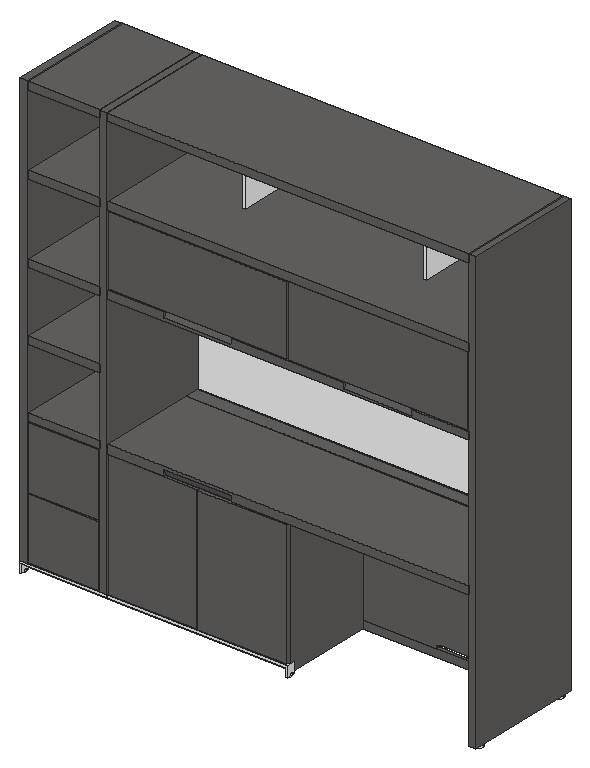
Revit family "Storage-Wall-Teknion-ZXLL_90_High_Without_Lights-R2011", category Furniture Systems, Revit 2013
Parameters (values of type "(See Type Catalog)")
  Working Wall Finish [instance] = Glass - Teknion - K6 - White Backpainted
  Width = 92.642"
  Warranty = "http://www.teknionstudio.com/pdfs/Teknion%20Studio%20Warranty.pdf"
  Wall Unit Finish [instance] = Veneer - Teknion - P7 - Grey Oak
  Unit Weight = 755.00 lbf
  URL = "www.teknionstudio.com"
  Tabletop Cutout Offset = if(Has Double Doors, 0", 4")  # 0"
  Storage Tower = Storage-Unit-Teknion-Tower : Upper Shelves & File/File Pedestal
  Series = "B&B Italia"
  Product Page URL = "http://www.teknionstudio.com/acexecutive/"
  Product Line = "AC Executive"
  Product Documentation Link = "http://www.teknionstudio.com/pricing/ac_executive_storage_walls_ppg.pdf"
  Part Number = "ZXLL"
  Model = ""
  Manufacturer Phone = "919-464-2920"
  Manufacturer Fax = "919-464-2927"
  Manufacturer Email = "customersupport@teknionstudio.com"
  Manufacturer Address = "3940 US 70 Business HWY West, Clayton, NC 27520"
  Manufacturer = "Teknion Studio"  # constant formula
  Low Emitting Material = yes
  Low Emitting Finish = yes
  Height = 89 123/128"
  Has File File Drawers = not(Has Double Doors)  # no
  Has Double Doors = yes
  Description = ""
  Depth = 24"
  Assembly Code = "E2020200"
Reference planes (in)
  plane 1 "Center F/B": y = 0
  plane 2: z = 0
  plane 3 "Back": y = 12
  plane 4 "Front": y = -12
  plane 5 "Cabinets Top": z = 73.80469
  plane 6: x = 28.60446
  plane 7: z = 29.68402
  plane 8: z = 56.1289
  plane 9: x = -44.7815
  plane 10: z = 2.1289
  plane 11: x = -8.08858
  plane 12 "Foot Centerline": y = -11.2126
  plane 13 "Tabletop Cutout": y = -12
  plane 14 "Foot Centerline Front": y = -10.22835
  plane 15 "Foot Centerline Back": y = 10.22835
  plane 16: y = -8.484
  plane 17 "Left": x = -62.49817
  plane 18 "Right": x = 30.14383
  plane 19 "Center L/R": x = -16.17717
  plane 20 "Top": z = 89.96094
Forms (in)
  Sweep 1, solid, material "Veneer - Teknion - P7 - Grey Oak" <- "Wall Unit Finish"
    path origin (0, 0, 15.40683) x (-1, 0, 0) y (0, -1, 0)
      loop
        line (0, -12) -> (0, 12)
    profile origin (0, 0, 15.40683) x (1, 0, 0) y (0, 0, 1)
      loop
        line (30.14383, -14.81732) -> (30.14383, 74.55411) -> (28.60446, 74.55411) -> (28.60446, -14.81732) -> (30.14383, -14.81732)
  Sweep 2, solid, material "Metal - Teknion - C6 - Chrome"
    path origin (0, 0, 0) x (1, 0, 0) y (0, 0, 1)
      loop
        line (-8.08858, 0.05803) -> (-8.08858, 2.1289) -> (-44.7815, 2.1289)
    profile origin (-26.43504, 0, 2.1289) x (0, 0, -1) y (0, -1, 0)
      loop
        line (0, 12) -> (0, 10.4252) -> (0.394, 10.4252) -> (0.394, 12) -> (0, 12)
  Sweep 3, solid, material "Metal - Teknion - C6 - Chrome"
    path origin (0, 0, 0) x (1, 0, 0) y (0, 0, 1)
      loop
        line (-44.7815, 2.1289) -> (-8.08858, 2.1289)
    profile origin (-26.43504, 0, 2.1289) x (0, 0, 1) y (0, -1, 0)
      loop
        line (-0.394, 10.6222) -> (-1.5748, 10.6222) -> (-1.5748, 10.4252) -> (-0.394, 10.4252) -> (-0.394, 10.6222)
  Revolve 4, solid, material "Metal - Teknion - C6 - Chrome"
    sketch origin (0.39385, -11.2126, 0) x (0, 0, -1) y (1, 0, 0)
      loop
        line (-0.4911, -8.67943) -> (0, -8.67943) -> (0, -8.34479) -> (-0.03937, -8.30542) -> (-0.20618, -8.30542) -> (-0.24555, -8.34479) -> (-0.28492, -8.30542) -> (-0.45173, -8.30542) -> (-0.4911, -8.34479) -> (-0.4911, -8.67943)
      axis (0, -8.67943) -> (-0.4911, -8.67943)
    angle from 0 to 360
  Sweep 5, solid, material "Veneer - Teknion - P7 - Grey Oak" <- "Wall Unit Finish"
    path origin (0, 0, 0) x (1, 0, 0) y (0, 0, 1)
      loop
        line (-44.7815, 29.68402) -> (28.60446, 29.68402)
    profile origin (-8.08852, 0, 29.68402) x (0, 0, 1) y (0, -1, 0)
      loop
        line (0, 12) -> (-1.7638, 12) -> (-1.7638, -7.11393) -> (-5.30827, -7.11393) -> (-5.30827, -7.08268) -> (-27.55512, -7.08268) -> (-27.55512, -7.11393) -> (-29.0945, -7.11393) -> (-29.0945, -7.80668) -> (-5.30828, -7.80668) -> (-5.30828, -12) -> (44.12067, -12) -> (44.12067, 12) -> (42.58097, 12) -> (42.58097, 11.2126) -> (27.98392, 11.2126) -> (27.98392, 12) -> (26.44488, 12) -> (26.44488, -10.94094) -> (0, -10.94094) -> (0, -10.90969) -> (-0.72441, -10.90969) -> (-0.72441, -10.56693) -> (0, -10.56693) -> (0, -8.05709) -> (-0.72441, -8.05709) -> (-0.72441, -7.80709) -> (0, -7.80709) -> (0, 12)
      loop
        line (60.27692, -12) -> (60.27692, 12) -> (58.73755, 12) -> (58.73755, -12) -> (60.27692, -12)
  Sweep 6, solid, material "Veneer - Teknion - P7 - Grey Oak" <- "Wall Unit Finish"
    path origin (0, 0, 0) x (1, 0, 0) y (0, 0, 1)
      loop
        line (-44.7815, 29.68402) -> (-8.08858, 29.68402)
    profile origin (-26.43504, 0, 29.68402) x (0, 0, 1) y (0, -1, 0)
      loop
        line (-1.7638, 11.27559) -> (-27.55512, 11.27559) -> (-27.55512, 10.4252) -> (-29.0945, 10.4252) -> (-29.0945, -12) -> (-1.7638, -12) -> (-1.7638, 11.27559)
  Sweep 7, solid, material "Veneer - Teknion - P7 - Grey Oak" <- "Wall Unit Finish"
    path origin (0, 0, 15.40683) x (-1, 0, 0) y (0, -1, 0)
      loop
        line (16.17717, 12) -> (16.17717, 11.276)
    profile origin (-16.17717, -11.638, 15.40683) x (-1, 0, 0) y (0, 0, 1)
      loop
        line (28.35433, 42.50186) -> (28.35433, 56.60815) -> (-7.96358, 56.60815) -> (-7.96358, 42.50186) -> (28.35433, 42.50186)
      loop
        line (-8.21358, 56.60815) -> (-44.53163, 56.60815) -> (-44.53163, 42.50186) -> (-8.21358, 42.50186) -> (-8.21358, 56.60815)
  Sweep 8, solid, material "Veneer - Teknion - P7 - Grey Oak" <- "Wall Unit Finish", visible <- "Has Double Doors"
    path origin (0, 0, 15.40683) x (-1, 0, 0) y (0, -1, 0)
      loop
        line (16.17717, 12) -> (16.17717, 11.276)
    profile origin (-16.17717, -11.638, 15.40683) x (-1, 0, 0) y (0, 0, 1)
      loop
        line (-7.83845, 12.26339) -> (-7.83845, -13.03482) -> (10.15274, -13.03482) -> (10.15274, 12.26339) -> (-7.83845, 12.26339)
      loop
        line (10.40274, 12.26339) -> (10.40274, -13.03482) -> (28.35446, -13.03482) -> (28.35446, 12.26339) -> (10.40274, 12.26339)
  Sweep 9, solid, material "Veneer - Teknion - P7 - Grey Oak" <- "Wall Unit Finish", visible <- "Has File File Drawers"
    path origin (0, 0, 15.40683) x (-1, 0, 0) y (0, -1, 0)
      loop
        line (16.17717, 12) -> (16.17717, 11.276)
    profile origin (-16.17717, -11.638, 15.40683) x (-1, 0, 0) y (0, 0, 1)
      loop
        line (-7.83845, 12.26339) -> (-7.83845, 0.01144) -> (28.35446, 0.01144) -> (28.35446, 12.26339) -> (-7.83845, 12.26339)
      loop
        line (28.35446, -0.77597) -> (-7.83845, -0.77597) -> (-7.83845, -13.03482) -> (28.35446, -13.03482) -> (28.35446, -0.77597)
  Sweep 10, void
    path origin (0, 0, 0) x (1, 0, 0) y (0, 0, 1)
      loop
        line (-33.34466, 29.68402) -> (-19.56514, 29.68402)
    profile origin (-26.4549, 0, 29.68402) x (0, 0, 1) y (0, -1, 0)
      loop
        line (-1.7638, 12) -> (-1.7638, 11.52756) -> (-0.66143, 12) -> (-1.7638, 12)
  Sweep 11, void
    path origin (0, 0, 0) x (1, 0, 0) y (0, 0, 1)
      loop
        line (-33.3248, 56.1289) -> (-19.54528, 56.1289)
    profile origin (-26.43504, 0, 56.1289) x (0, 0, 1) y (0, -1, 0)
      loop
        line (1.53937, 12) -> (0.43699, 12) -> (1.53937, 11.52755) -> (1.53937, 12)
  Sweep 12, void
    path origin (0, 0, 0) x (1, 0, 0) y (0, 0, 1)
      loop
        line (3.36811, 56.1289) -> (17.14764, 56.1289)
    profile origin (10.25787, 0, 56.1289) x (0, 0, 1) y (0, -1, 0)
      loop
        line (1.53937, 11.52755) -> (1.53937, 12) -> (0.43699, 12) -> (1.53937, 11.52755)
  Sweep 13, void
    path origin (0, 0, 0) x (1, 0, 0) y (0, 1, 0)
      loop
        line (0, 7.80668) -> (0, 7.08268)
    profile origin (0, 7.44468, 0) x (1, 0, 0) y (0, 0, 1)
      loop
        line (6.83281, 24.37575) -> (6.83281, 23.51079)
        arc (6.83281, 23.51079) -> (7.06344, 22.95401) -> (7.62021, 22.72339) r 0.7874
        line (7.62021, 22.72339) -> (12.93517, 22.72339)
        arc (12.93517, 22.72339) -> (13.49195, 22.95401) -> (13.72257, 23.51079) r 0.7874
        line (13.72257, 23.51079) -> (13.72257, 24.37575) -> (6.83281, 24.37575)
      loop
        line (13.72257, 2.1289) -> (13.72257, 2.28638)
        arc (13.72257, 2.28638) -> (13.50348, 2.81532) -> (12.97454, 3.03441) r 0.74803
        line (12.97454, 3.03441) -> (7.58084, 3.03441)
        arc (7.58084, 3.03441) -> (7.0519, 2.81532) -> (6.83281, 2.28638) r 0.74803
        line (6.83281, 2.28638) -> (6.83281, 2.1289) -> (13.72257, 2.1289)
  Sweep 14, solid, material "Acrylic - Teknion - Clear"
    path origin (0.48659, 0, 36.8108) x (-1, 0, 0) y (0, -1, 0)
      loop
        line (16.66376, -11.25197) -> (16.66376, 0.16535)
    profile origin (-16.17717, 5.54331, 36.8108) x (1, 0, 0) y (0, 0, 1)
      loop
        line (-10.56841, 51.60058) -> (-10.56841, 36.99388) -> (-9.97392, 36.99388) -> (-9.97392, 51.60058) -> (-10.56841, 51.60058)
      loop
        line (26.15108, 51.60058) -> (26.15108, 36.99388) -> (26.74557, 36.99388) -> (26.74557, 51.60058) -> (26.15108, 51.60058)
  Revolve 15, solid, material "Metal - Teknion - C6 - Chrome"
    sketch origin (0, -10.22835, 0) x (0, 0, 1) y (1, 0, 0)
      loop
        line (0, 29.37415) -> (0, 28.63616) -> (0.23622, 28.63616) -> (0.23622, 29.09181) -> (0.58951, 29.09181) -> (0.58951, 29.37415) -> (0, 29.37415)
      axis (0.58951, 29.37415) -> (0, 29.37415)
    angle from 0 to 360
  Revolve 16, solid, material "Metal - Teknion - C6 - Chrome"
    sketch origin (0, 10.22835, 0) x (0, 0, 1) y (1, 0, 0)
      loop
        line (0, 29.37415) -> (0, 28.63616) -> (0.23622, 28.63616) -> (0.23622, 29.09181) -> (0.58951, 29.09181) -> (0.58951, 29.37415) -> (0, 29.37415)
      axis (0.58951, 29.37415) -> (0, 29.37415)
    angle from 0 to 360
Cuts and joins
  joined: Sweep 2, Sweep 3, Revolve 4
  Sweep 10, Sweep 11, Sweep 12, Sweep 13 cuts Sweep 5
  joined: Sweep 5, Sweep 6
Lines and regions (in)
  Masking region 1
    outline origin (0, 0, 15.40683) x (-1, 0, 0) y (0, -1, 0)
      loop
        line (44.7815, -12) -> (44.7815, 12) -> (-30.14383, 12) -> (-30.14383, -12) -> (44.7815, -12)
  symbolic lines, style "Elevation Swing"
    curve 1: line (-44.7815, -12, 57.66827) -> (-26.43504, -12, 72.01499)
    curve 2: line (-8.08858, -12, 57.66832) -> (-26.43504, -12, 72.01499)
    curve 3: line (-8.08858, 0, 57.66832) -> (10.25794, 0, 72.18658)
    curve 4: line (10.25794, 0, 72.18658) -> (28.60446, 0, 57.66827)
  symbolic lines, style "Elevation Swing", visible <- "Has Double Doors"
    curve 5: line (-26.5799, 0, 27.67022) -> (-44.53163, 0, 15.02111)
    curve 6: line (-44.53163, 0, 15.02111) -> (-26.5799, 0, 2.37201)
    curve 14: line (-26.3299, 0, 2.37201) -> (-8.33872, 0, 15.02111)
    curve 15: line (-26.3299, 0, 27.67022) -> (-8.33872, 0, 15.02111)
  symbolic lines, detail levels medium+fine
    curve 7: line (28.60446, 12, 15.40683) -> (28.60446, -12, 15.40683)
  symbolic lines, style "FurnitureSystemsHiddenLines", detail levels fine
    curve 8: line (-8.08858, -11.276, 15.40683) -> (-44.7815, -11.276, 15.40683)
    curve 13: line (-8.08858, 12, 15.40683) -> (-8.08858, -12, 15.40683)
  symbolic lines, visible <- "Has Double Doors"
    curve 9: arc (-26.43497, -12, 15.40683) -> (-21.06144, -24.97286, 15.40683) -> (-8.08858, -30.34639, 15.40683) r 18.34639
    curve 10: line (-44.7815, -12, 15.40683) -> (-44.7815, -30.34652, 15.40683)
    curve 11: line (-8.08858, -12, 15.40683) -> (-8.08858, -30.34639, 15.40683)
    curve 12: arc (-44.7815, -30.34652, 15.40683) -> (-31.80854, -24.97295, 15.40683) -> (-26.43497, -12, 15.40683) r 18.34652
Dimensions and locks (in)
  plane 17 "Left" to plane 18 "Right" = 92.642"
  equal spacing: plane 3 "Back", plane 1 "Center F/B", plane 4 "Front"
  "Depth": plane 3 "Back" to plane 4 "Front"
  "Height": plane 20 "Top" to plane 2
  locked: plane 7 to plane 2 at 29.68402
  locked: plane 8 to plane 7 at 26.44488
  locked: plane 10 to plane 2 at 2.1289
  locked: plane 10 to Sweep 3 sketch curve at 0.394
  locked: Sweep 3 sketch curve to Sweep 3 sketch curve at 1.1808
  plane 4 "Front" to Sweep 3 sketch curve to Sweep 3 sketch curve = 1.3778" locked, 0.197" locked
  locked: plane 4 "Front" to plane 12 "Foot Centerline" at 0.7874
  locked: plane 10 to Sweep 5 sketch curve at 1.53939
  locked: plane 7 to Sweep 5 sketch curve at 1.7638
  Sweep 6 sketch curve to Sweep 6 sketch curve to plane 3 "Back" = 23.27559", 0"
  locked: plane 7 to Sweep 6 sketch curve at 1.7638
  locked: plane 4 "Front" to Sweep 6 sketch curve at 1.5748
  locked: plane 4 "Front" to Sweep 7 sketch curve at 0.724
  plane 5 "Cabinets Top" to Sweep 7 sketch curve to Sweep 7 sketch curve = 1.7897" locked, 14.1063" locked  (x2)
  Sweep 7 sketch curve to Sweep 7 sketch curve to Sweep 7 sketch curve to Sweep 7 sketch curve = 36.31805", 1/4", 36.31791"
  locked: plane 4 "Front" to Sweep 8 sketch curve at 0.724
  locked: plane 4 "Front" to Sweep 9 sketch curve at 0.724
  locked: Sweep 10 sketch curve to Sweep 10 sketch curve at 13.77953
  locked: plane 7 to Sweep 10 sketch curve at 1.7638
  locked: plane 13 "Tabletop Cutout" to Sweep 10 sketch curve at 0.47244
  "Tabletop Cutout Offset": plane 13 "Tabletop Cutout" to plane 4 "Front"
  locked: Sweep 11 sketch curve to Sweep 11 sketch curve at 13.77953
  locked: Sweep 11 sketch curve to plane 8 at 1.53937
  locked: Sweep 11 sketch curve to plane 8 at 0.43699
  locked: plane 4 "Front" to Sweep 11 sketch curve at 0.47245
  Sweep 12 sketch curve to Sweep 12 sketch curve to plane 8 = 1.10238" locked, 0.43699" locked
  locked: plane 4 "Front" to Sweep 12 sketch curve at 0.47245
  plane 3 "Back" to Sweep 13 sketch curve to Sweep 13 sketch curve = 4.19332" locked, 0.724" locked
  equal spacing: plane 11, curve 2, plane 9
  equal spacing: plane 6, curve 4, plane 11
  locked: plane 4 "Front" to curve 8 at 0.724
  locked: plane 3 "Back" to plane 15 "Foot Centerline Back" at 1.77165
  locked: plane 4 "Front" to plane 14 "Foot Centerline Front" at 1.77165
  locked: plane 4 "Front" to plane 16 at 3.516
  locked: plane 17 "Left" to plane 9 at 17.71667
  locked: Sweep 8 sketch curve to Sweep 8 sketch curve at 25.29821  (x2)
  Sweep 8 sketch curve to Sweep 8 sketch curve to Sweep 8 sketch curve to Sweep 8 sketch curve = 17.95173" locked, 1/4" locked, 17.99118" locked
  Sweep 9 sketch curve to Sweep 9 sketch curve to Sweep 9 sketch curve to Sweep 9 sketch curve = 12.25195" locked, 0.7874" locked, 12.25886" locked
  locked: Sweep 9 sketch curve to Sweep 9 sketch curve at 36.19291  (x2)
  curve 10 to curve 12 to plane 6 = 18.34652", 55.03944"
  locked: Sweep 13 sketch curve to Sweep 13 sketch curve at 6.88976  (x2)
  locked: Sweep 13 sketch curve to Sweep 13 sketch curve at 1.65236
  locked: Sweep 2 sketch curve to plane 2 at 0.05803
  locked: Sweep 1 sketch curve to plane 6 at 1.53937
  locked: plane 11 to Sweep 11 sketch curve at 11.45669
  Sweep 12 sketch curve to Sweep 12 sketch curve to plane 11 = 13.77953" locked, 11.45669" locked
  locked: Sweep 9 sketch curve to plane 11 at 0.25013
  locked: plane 7 to Sweep 9 sketch curve at 2.0138
  locked: plane 7 to Sweep 8 sketch curve at 2.0138  (x2)
  locked: plane 6 to plane 18 "Right" at 1.53937
  equal spacing: plane 17 "Left", plane 19 "Center L/R", plane 18 "Right"
  locked: plane 19 "Center L/R" to plane 11 at 8.08858
  locked: Sweep 7 sketch curve to plane 6 at 0.25
  plane 20 "Top" to plane 5 "Cabinets Top" = 16 5/32"
  locked: Sweep 14 sketch curve to Sweep 14 sketch curve at 11.41732
  locked: Sweep 14 sketch curve to Sweep 14 sketch curve at 0.59449  (x2)
  locked: plane 3 "Back" to Sweep 14 sketch curve at 0.74803
  locked: Sweep 14 sketch curve to plane 11 at 18.0625
  locked: Sweep 14 sketch curve to plane 5 "Cabinets Top" at 14.60669  (x2)
  locked: plane 20 "Top" to Sweep 5 sketch curve at 1.53937
  locked: plane 5 "Cabinets Top" to Sweep 5 sketch curve at 1.5397
  locked: Sweep 5 sketch curve to plane 8 at 1.53904
  equal spacing: Sweep 14 sketch curve, plane 11, Sweep 14 sketch curve
  locked: plane 10 to Sweep 2 sketch curve at 0.394
  locked: plane 4 "Front" to Sweep 2 sketch curve at 1.5748
  Revolve 4 sketch curve to Revolve 4 sketch curve to Revolve 4 sketch curve to Revolve 4 sketch curve to Revolve 4 sketch curve to Revolve 4 sketch curve to plane 2 = 0.03937" locked, 0.16681" locked, 0.03937" locked, 0.03937" locked, 0.16681" locked, 0.03937" locked
  locked: plane 11 to Revolve 4 sketch curve at 0.197
  locked: Revolve 4 sketch curve to plane 11 at 0.17702
  locked: plane 11 to Sweep 10 sketch curve at 11.47655
  locked: Sweep 13 sketch curve to plane 10 at 0.90551
  locked: plane 7 to Sweep 13 sketch curve at 5.30827
  locked: Sweep 13 sketch curve to plane 6 at 14.88189
  locked: plane 6 to Sweep 13 sketch curve at 14.88189
  locked: plane 11 to Sweep 9 sketch curve at 0.25013
  locked: plane 18 "Right" to Revolve 15 sketch curve at 0.76969
  plane 18 "Right" to Revolve 15 sketch curve to Revolve 15 sketch curve = 0.76969" locked, 0.28234" locked
  Revolve 15 sketch curve to Revolve 15 sketch curve to plane 2 = 0.35329" locked, 0.23622" locked
  locked: plane 18 "Right" to Revolve 16 sketch curve at 0.76969
  plane 18 "Right" to Revolve 16 sketch curve to Revolve 16 sketch curve = 1.05203" locked, 0.45565" locked
  Revolve 16 sketch curve to Revolve 16 sketch curve to plane 2 = 0.35329" locked, 0.23622" locked
  aligned and locked: level to plane 2
  aligned and locked: plane 3 "Back" to Sweep 1 sketch curve
  aligned and locked: plane 4 "Front" to Sweep 1 sketch curve
  aligned and locked: Sweep 2 sketch curve to plane 10
  aligned and locked: plane 10 to Sweep 2 sketch curve
  aligned and locked: Sweep 2 sketch curve to plane 4 "Front"
  aligned and locked: Sweep 3 sketch curve to plane 10
  aligned and locked: plane 9 to Sweep 5 sketch curve
  aligned and locked: plane 6 to Sweep 5 sketch curve
  aligned and locked: Sweep 5 sketch curve to plane 7  (x4)
  aligned and locked: Sweep 5 sketch curve to plane 4 "Front"  (x2)
  aligned and locked: plane 3 "Back" to Sweep 5 sketch curve  (x2)
  aligned and locked: Sweep 6 sketch curve to plane 7
  aligned and locked: plane 10 to Sweep 6 sketch curve
  aligned and locked: plane 4 "Front" to Sweep 7 sketch curve
  aligned and locked: Sweep 5 sketch curve to plane 8
  aligned and locked: plane 4 "Front" to Sweep 8 sketch curve
  aligned and locked: plane 4 "Front" to Sweep 9 sketch curve
  aligned and locked: Sweep 10 sketch curve to plane 7
  aligned and locked: plane 13 "Tabletop Cutout" to Sweep 10 sketch curve
  aligned and locked: Sweep 11 sketch curve to plane 8
  aligned and locked: Sweep 12 sketch curve to plane 8
  aligned and locked: Sweep 12 sketch curve to plane 4 "Front"
  aligned and locked: plane 9 to curve 1
  aligned and locked: plane 11 to curve 2
  aligned and locked: Sweep 7 to curve 2
  aligned and locked: plane 6 to curve 4
  aligned and locked: Masking region 1 sketch curve to plane 3 "Back"
  aligned and locked: Masking region 1 sketch curve to plane 4 "Front"
  aligned and locked: plane 3 "Back" to curve 7
  aligned and locked: plane 3 "Back" to curve 13
  aligned and locked: plane 4 "Front" to curve 13
  aligned and locked: plane 4 "Front" to Sweep 11 sketch curve
  aligned and locked: Sweep 5 sketch curve to plane 5 "Cabinets Top"
  aligned and locked: plane 12 "Foot Centerline" to Sweep 5 sketch curve
  aligned and locked: plane 4 "Front" to Sweep 5 sketch curve  (x2)
  aligned and locked: plane 4 "Front" to curve 12
  aligned and locked: Sweep 2 sketch curve to plane 11
  aligned and locked: Sweep 1 sketch curve to plane 6
  aligned and locked: plane 10 to Sweep 13 sketch curve
  aligned and locked: Masking region 1 sketch curve to plane 18 "Right"
  aligned and locked: plane 9 to Masking region 1 sketch curve
  aligned and locked: Sweep 8 sketch curve to plane 19 "Center L/R"
  aligned and locked: plane 1 "Center F/B" to Sweep 6 sketch curve
  aligned: plane 11 to Sweep 6 sketch curve
  aligned: plane 6 to Sweep 6 sketch curve
  aligned and locked: Sweep 9 sketch curve to plane 19 "Center L/R"
  aligned and locked: Sweep 7 sketch curve to plane 19 "Center L/R"
  aligned and locked: nested 1 to plane 2
  aligned and locked: curve 6 to Sweep 8
  aligned and locked: Sweep 8 to curve 5
  aligned and locked: Sweep 8 to Sweep 8
  aligned and locked: Sweep 8 to curve 6
  aligned and locked: plane 9 to nested 1
  aligned and locked: nested 1 to plane 1 "Center F/B"
  aligned and locked: plane 19 "Center L/R" to Sweep 14 sketch curve
  aligned and locked: plane 5 "Cabinets Top" to Sweep 14 sketch curve  (x2)
  aligned and locked: Sweep 5 sketch curve to plane 20 "Top"
  aligned and locked: plane 20 "Top" to Sweep 1 sketch curve
  aligned and locked: plane 9 to Sweep 2 sketch curve
  aligned and locked: Revolve 4 sketch curve to Revolve 4 sketch curve
  aligned and locked: plane 2 to Revolve 4 sketch curve
  aligned and locked: plane 9 to Sweep 3 sketch curve
  aligned and locked: plane 11 to Sweep 3 sketch curve
  aligned and locked: plane 9 to Sweep 6 sketch curve
  aligned and locked: plane 11 to Sweep 6 sketch curve
  aligned and locked: Sweep 8 to curve 14
  aligned and locked: cut or joined group of Sweep 5, Sweep 6, Sweep 10, Sweep 11, Sweep 12, Sweep 13 to Sweep 1 sketch curve
  aligned and locked: plane 2 to Revolve 16 sketch curve
  aligned and locked: curve 11 to plane 11
  aligned and locked: curve 7 to plane 6
  aligned and locked: plane 4 "Front" to curve 7
Automatic sketch dimensions
  Sweep 6 sketch curve to plane 11 = 36.69291"
  Sweep 6 sketch curve to plane 6 = 36.69305"
  profile plane to Sweep 10 sketch curve = 0.66143"
  profile plane to Sweep 8 sketch curve = 7.83845"
  curve 3 to plane 11 = 0"
  plane 10 to curve 14 = 0.24311"
  curve 6 to curve 14 = 1/4"
  curve 15 to plane 7 = 2.0138"
  curve 5 to curve 15 = 1/4"
  plane 10 to curve 6 = 0.24311"
  plane 10 to curve 14 = 12.89222"
  plane 10 to curve 6 = 12.89222"
  curve 5 to curve 15 = 0"
  plane 8 to curve 4 = 1.53937"
  plane 8 to curve 3 = 1.53942"
  curve 3 to plane 5 "Cabinets Top" = 1.61811"
  plane 8 to curve 2 = 1.53942"
  plane 8 to curve 1 = 1.53937"
  plane 11 to Sweep 1 sketch curve = 8.08858"
  Revolve 4 sketch curve to level = 0"
  Revolve 4 sketch curve to Revolve 4 sketch curve = 0.4777"
  Revolve 4 sketch curve to Revolve 4 sketch curve = 0.03937"  (x3)
  Sweep 5 sketch curve to Sweep 5 sketch curve = 1.53939"
  Sweep 5 sketch curve to Sweep 5 sketch curve = 3.54449"
  Sweep 5 sketch curve to Sweep 5 sketch curve = 0"
  profile plane to Sweep 5 sketch curve = 0.72441"  (x2)
  Sweep 5 sketch curve to plane 1 "Center F/B" = 10.94094"
  Sweep 5 sketch curve to Sweep 5 sketch curve = 1/32"  (x2)
  Sweep 5 sketch curve to Sweep 5 sketch curve = 0.34277"
  Sweep 5 sketch curve to Sweep 5 sketch curve = 2.50984"
  Sweep 5 sketch curve to Sweep 5 sketch curve = 1/4"
  Sweep 5 sketch curve to Sweep 5 sketch curve = 4.19332"
  Sweep 5 sketch curve to Sweep 5 sketch curve = 0.69316"
  Sweep 5 sketch curve to Sweep 5 sketch curve = 0.69275"
  Sweep 6 sketch curve to Sweep 6 sketch curve = 1.53939"
  plane 11 to Sweep 13 sketch curve = 8.08858"
  Sweep 13 sketch curve to Sweep 13 sketch curve = 0.74803"  (x2)
  Sweep 13 sketch curve to Sweep 13 sketch curve = 0.7874"  (x2)
  Revolve 15 sketch curve to level = 0"
  Revolve 15 sketch curve to level = 0.14033"
  Revolve 15 sketch curve to Revolve 15 sketch curve = 0.17201"
  plane 6 to Revolve 15 sketch curve = 0.03169"
  Revolve 16 sketch curve to level = 0.60556"
  Revolve 16 sketch curve to Revolve 16 sketch curve = 0.7057"
  Revolve 16 sketch curve to Revolve 16 sketch curve = 0"
  plane 4 "Front" to curve 10 = 0"
  curve 9 to curve 12 = 0"
  curve 8 to plane 9 = 0"
Nested families (in)
  nested 1: "Storage-Unit-Teknion-Tower" at (-53.63976, 0, 0) x (-1, 0, 0) z (0, 0, 1), type <- "Storage Tower", Height <- "Height", type "Upper Shelves & File/File Pedestal"
    with Height 89 123/128", Has Top Shelf yes, Bottom Drawer Height 13.047"
Definition of nested family "Storage-Unit-Teknion-Tower"
  Parameters (values of type "Upper Wardrobe & Lower Door")
    Width = 17.71654"
    Warranty = "http://www.teknionstudio.com/pdfs/Teknion%20Studio%20Warranty.pdf"
    Wall Unit Finish = Veneer - Teknion - P8 - Light Brushed Oak
    URL = "www.teknionstudio.com"
    Series = "B&B Italia"
    Product Line = "AC Executive"
    Model = ""
    Middle Drawer Height = if(Has Top Drawer, 6.425", 12.719")  # 12.719"
    Manufacturer Phone = "919-464-2920"
    Manufacturer Fax = "919-464-2927"
    Manufacturer Email = "customersupport@teknionstudio.com"
    Manufacturer Address = "3940 US 70 Business HWY West, Clayton, NC 27520"
    Manufacturer = "Teknion Studio"  # constant formula
    Height [instance] = 73.81394"
    Has Top Shelf [instance] = and(Height > 75", Has Shelves)  # no
    Has Top Drawer = no
    Has Top Door = yes
    Has Shelves = no
    Has Right Leg = yes
    Has Middle Drawer = no
    Has Lower Shelf = yes
    Has Left Leg = no
    Has Full Wardrobe Door = no
    Has Doors = yes
    Door Projection Symbol = yes
    Description = "Tower Storage Unit"
    Depth = 24"
    Bottom Drawer Height [instance] = if(Has Middle Drawer, 13.047", if(Has Top Drawer, 13.047", if(Has Full Wardrobe Door, (Height - 3.668"), 26.016")))  # 26.016"
    Assembly Code = "E2010200"
  Types (7): name | Wall Unit Finish | Series | Product Line | Middle Drawer Height | Has Top Drawer | Has Top Door | Has Shelves | Has Middle Drawer | Has Lower Shelf | Has Full Wardrobe Door | Has Doors | Door Projection Symbol | Bottom Drawer Height
    Upper Shelves & Lower Door | none | "AC Executive" | "" | 12.719" | no | no | yes | no | yes | no | yes | yes | 26.016"
    Upper Shelves & File/File Pedestal | none | "AC Executive" | "" | 12.719" | no | no | yes | yes | yes | no | no | no | 13.047"
    Upper Shelves & Box/Box/File Pedestal | Veneer - Teknion - P8 - Light Brushed Oak | "AC Executive" | "" | 6.425" | yes | no | yes | yes | yes | yes | no | no | 13.047"
    Full Wardrobe | none | "AC Executive" | "" | 12.719" | no | no | no | no | no | yes | yes | yes | 70.14594"
    Upper Wardrobe & Lower Door | Veneer - Teknion - P8 - Light Brushed Oak | "B&B Italia" | "AC Executive" | 12.719" | no | yes | no | no | yes | no | yes | yes | 26.016"
    Upper Wardrobe & File/File Pedestal | none | "AC Executive" | "" | 12.719" | no | yes | no | yes | yes | no | no | yes | 13.047"
    Upper Wardrobe & Box/Box/File Pedestal | none | "AC Executive" | "" | 6.425" | yes | yes | no | yes | yes | no | no | yes | 13.047"
  Reference planes (in)
    plane 1 "Center F/B": y = 0
    plane 2: z = 0
    plane 3 "Center L/R": x = 0
    plane 4 "Left": x = -8.85827
    plane 5 "Right": x = 8.85827
    plane 6 "Back": y = 12
    plane 7 "Front": y = -12
    plane 8 "Top": z = 73.81394
    plane 9: x = -7.3189
    plane 10: x = 7.3189
    plane 11: z = 2.1289
    plane 12 "Foot Centerline": y = -11.2126
    plane 13: z = 29.68402
    plane 14 "Drawer 1 Top": z = 28.1449
    plane 15 "Drawer 2 Top": z = 40.8639
    plane 16 "Drawer 3 Top": z = 27.89502
    plane 17: z = 42.13677
  Forms (in)
    Sweep 1, solid, material "Metal - Teknion - C6 - Chrome", visible <- "Has Left Leg"
      path origin (0, -12, 0) x (1, 0, 0) y (0, 0, 1)
        loop
          line (-8.85827, 1.7349) -> (-8.85827, 0.05803)
      profile origin (-8.85827, -12, 0.89646) x (0, -1, 0) y (1, 0, 0)
        loop
          line (-1.5748, 0) -> (0, 0) -> (0, 0.394) -> (-1.5748, 0.394) -> (-1.5748, 0)
    Sweep 2, solid, material "Metal - Teknion - C6 - Chrome"
      path origin (0, -12, 0) x (1, 0, 0) y (0, 0, 1)
        loop
          line (-8.85827, 2.1289) -> (8.46427, 2.1289)
      profile origin (-0.197, -12, 2.1289) x (0, 0, 1) y (0, -1, 0)
        loop
          line (-0.394, -1.5748) -> (-0.394, -1.3778) -> (-1.575, -1.3778) -> (-1.575, -1.5748) -> (-0.394, -1.5748)
    Revolve 3, solid, material "Metal - Teknion - C6 - Chrome"
      sketch origin (0, -11.2126, 0) x (0, 0, -1) y (1, 0, 0)
        loop
          line (-0.4911, 8.32677) -> (-0.45173, 8.2874) -> (-0.28492, 8.2874) -> (-0.24555, 8.32677) -> (-0.20618, 8.2874) -> (-0.03937, 8.2874) -> (0, 8.32677) -> (0, 8.66142) -> (-0.4911, 8.66142) -> (-0.4911, 8.32677)
        axis (0, 8.66142) -> (-0.4911, 8.66142)
      angle from 0 to 360
    Revolve 4, solid, material "Metal - Teknion - C6 - Chrome", visible <- "Has Left Leg"
      sketch origin (0, -11.2126, 0) x (0, 0, -1) y (1, 0, 0)
        loop
          line (0, -8.99606) -> (0, -8.66142) -> (-0.4911, -8.66142) -> (-0.4911, -8.99606) -> (-0.45173, -9.03543) -> (-0.28492, -9.03543) -> (-0.24555, -8.99606) -> (-0.20618, -9.03543) -> (-0.03937, -9.03543) -> (0, -8.99606)
        axis (0, -8.66142) -> (-0.4911, -8.66142)
      angle from 0 to 360
    Sweep 5, solid, material "Veneer - Teknion - P8 - Light Brushed Oak" <- "Wall Unit Finish"
      path origin (0, 0, 0) x (1, 0, 0) y (0, 0, 1)
        loop
          line (0, 2.1289) -> (0, 73.81394)
      profile origin (0, 0, 37.97142) x (-1, 0, 0) y (0, -1, 0)
        loop
          line (8.85827, -12) -> (8.85827, 12) -> (7.3189, 12) -> (7.3189, -12) -> (8.85827, -12)
        loop
          line (-7.3189, 12) -> (-8.85827, 12) -> (-8.85827, -12) -> (-7.3189, -12) -> (-7.3189, 12)
    Sweep 6, solid, material "Veneer - Teknion - P8 - Light Brushed Oak" <- "Wall Unit Finish"
      path origin (0, 0, 15.40683) x (-1, 0, 0) y (0, -1, 0)
        loop
          line (0, -12) -> (0, 12)
      profile origin (0, 0, 15.40683) x (1, 0, 0) y (0, 0, 1)
        loop
          line (-7.3189, 58.4071) -> (-7.3189, 56.86773) -> (7.3189, 56.86773) -> (7.3189, 58.4071) -> (-7.3189, 58.4071)
    Sweep 7, solid, material "Veneer - Teknion - P8 - Light Brushed Oak" <- "Wall Unit Finish"
      path origin (0, -12, 0) x (1, 0, 0) y (0, 0, 1)
        loop
          line (0, 2.1289) -> (0, 72.27457)
      profile origin (0, -12, 37.20173) x (-1, 0, 0) y (0, -1, 0)
        loop
          line (7.3189, -24) -> (7.3189, -23.25) -> (-7.3189, -23.25) -> (-7.3189, -24) -> (7.3189, -24)
    Sweep 8, solid, material "Veneer - Teknion - P8 - Light Brushed Oak" <- "Wall Unit Finish", visible <- "Has Lower Shelf"
      path origin (0, -12, 0) x (1, 0, 0) y (0, 0, 1)
        loop
          line (-7.3189, 29.68402) -> (7.3189, 29.68402)
      profile origin (0, -12, 29.68402) x (0, 0, 1) y (0, -1, 0)
        loop
          line (0, 0) -> (-1.539, 0) -> (-1.539, -0.724) -> (-27.55512, -0.724) -> (-27.55512, -23.25) -> (0, -23.25) -> (0, 0)
    Sweep 9, solid, material "Veneer - Teknion - P8 - Light Brushed Oak" <- "Wall Unit Finish"
      path origin (0, -12, 0) x (1, 0, 0) y (0, 0, 1)
        loop
          line (0, 2.3789) -> (0, 27.8949)
      profile origin (0, -12, 15.1369) x (-1, 0, 0) y (0, -1, 0)
        loop
          line (7.0689, -0.724) -> (7.0689, 0) -> (-7.0689, 0) -> (-7.0689, -0.724) -> (7.0689, -0.724)
    Sweep 10, solid, material "Veneer - Teknion - P8 - Light Brushed Oak" <- "Wall Unit Finish", visible <- "Has Middle Drawer"
      path origin (0, -12, 0) x (1, 0, 0) y (0, 0, 1)
        loop
          line (0, 28.1449) -> (0, 40.8639)
      profile origin (0, -12, 34.5044) x (-1, 0, 0) y (0, -1, 0)
        loop
          line (7.0689, -0.724) -> (7.0689, 0) -> (-7.0689, 0) -> (-7.0689, -0.724) -> (7.0689, -0.724)
    Sweep 11, solid, material "Veneer - Teknion - P8 - Light Brushed Oak" <- "Wall Unit Finish", visible <- "Has Top Drawer"
      path origin (0, -12, 0) x (1, 0, 0) y (0, 0, 1)
        loop
          line (0, 47.15802) -> (0, 41.1139)
      profile origin (0, -12, 44.13596) x (0, -1, 0) y (1, 0, 0)
        loop
          line (0, 7.0689) -> (-0.724, 7.0689) -> (-0.724, -7.0689) -> (0, -7.0689) -> (0, 7.0689)
    Sweep 12, solid, material "Veneer - Teknion - P8 - Light Brushed Oak" <- "Wall Unit Finish", visible <- "Has Shelves"
      path origin (0, -12, 0) x (1, 0, 0) y (0, 0, 1)
        loop
          line (0, 42.13677) -> (0, 43.67614)
      profile origin (0, -12, 42.90646) x (-1, 0, 0) y (0, -1, 0)
        loop
          line (7.3189, -23.25) -> (7.3189, 0) -> (-7.3189, 0) -> (-7.3189, -23.25) -> (7.3189, -23.25)
    Sweep 13, solid, material "Veneer - Teknion - P8 - Light Brushed Oak" <- "Wall Unit Finish", visible <- "Has Shelves"
      path origin (0, -12, 13.9918) x (1, 0, 0) y (0, 0, 1)
        loop
          line (0, 42.13677) -> (0, 43.67614)
      profile origin (0, -12, 56.89825) x (-1, 0, 0) y (0, -1, 0)
        loop
          line (7.3189, -23.25) -> (7.3189, 0) -> (-7.3189, 0) -> (-7.3189, -23.25) -> (7.3189, -23.25)
    Sweep 14, solid, material "Veneer - Teknion - P8 - Light Brushed Oak" <- "Wall Unit Finish", visible <- "Has Top Door"
      path origin (0, -12, 0) x (1, 0, 0) y (0, 0, 1)
        loop
          line (0, 29.93402) -> (0, 72.02457)
      profile origin (0, -12, 50.97929) x (-1, 0, 0) y (0, -1, 0)
        loop
          line (7.0689, -0.724) -> (7.0689, 0) -> (-7.0689, 0) -> (-7.0689, -0.724) -> (7.0689, -0.724)
    Sweep 15, solid, material "Veneer - Teknion - P8 - Light Brushed Oak" <- "Wall Unit Finish"
      path origin (0, -12, 0) x (1, 0, 0) y (0, 0, 1)
        loop
          line (-8.85827, 2.1289) -> (8.85827, 2.1289)
      profile origin (0, -12, 2.1289) x (0, 0, 1) y (0, -1, 0)
        loop
          line (0, -1.5748) -> (-1.53937, -1.5748) -> (-1.53937, -24) -> (0, -24) -> (0, -1.5748)
    Sweep 16, solid, material "Veneer - Teknion - P8 - Light Brushed Oak" <- "Wall Unit Finish", visible <- "Has Top Shelf"
      path origin (0, 0, 0) x (1, 0, 0) y (0, 0, 1)
        loop
          line (0, 73.81394) -> (0, 72.27457)
      profile origin (0, 0, 73.04425) x (0, -1, 0) y (1, 0, 0)
        loop
          line (-11.25, -7.3189) -> (12, -7.3189) -> (12, 7.3189) -> (-11.25, 7.3189) -> (-11.25, -7.3189)
    Sweep 17, solid, material "Metal - Teknion - C6 - Chrome"
      path origin (0, 0, 0) x (1, 0, 0) y (0, 0, 1)
        loop
          line (-8.85827, 2.1289) -> (8.85827, 2.1289)
      profile origin (0, 0, 2.1289) x (0, 0, 1) y (0, -1, 0)
        loop
          line (0, 10.4252) -> (0, 12) -> (-0.394, 12) -> (-0.394, 10.4252) -> (0, 10.4252)
    Sweep 18, solid, material "Metal - Teknion - C6 - Chrome"
      path origin (0, 0, 0) x (1, 0, 0) y (0, 0, 1)
        loop
          line (8.85827, 1.7349) -> (8.85827, 0.05803)
      profile origin (8.85827, 0, 0.89646) x (0, -1, 0) y (1, 0, 0)
        loop
          line (10.4252, -0.394) -> (12, -0.394) -> (12, 0) -> (10.4252, 0) -> (10.4252, -0.394)
  Lines and regions (in)
    Masking region 1
      outline origin (0, 0, 15.40683) x (-1, 0, 0) y (0, -1, 0)
        loop
          line (8.85827, -12) -> (8.85827, 12) -> (-8.85827, 12) -> (-8.85827, -12) -> (8.85827, -12)
    symbolic lines, style "FurnitureSystems", detail levels medium+fine
      curve 1: line (-7.3189, 12, 15.40683) -> (-7.3189, -12, 15.40683)
      curve 2: line (7.3189, 12, 15.40683) -> (7.3189, -12, 15.40683)
    symbolic lines, style "FurnitureSystemsHiddenLines", detail levels fine
      curve 3: line (-7.3189, -11.276, 15.40683) -> (7.3189, -11.276, 15.40683)
    symbolic lines, style "Elevation Swing", visible <- "Has Doors"
      curve 4: line (-7.3189, -12, 2.1289) -> (7.3189, -12, 15.1369)
      curve 5: line (7.3189, -12, 15.1369) -> (-7.3189, -12, 28.1449)
    symbolic lines, style "Elevation Swing", visible <- "Has Top Door"
      curve 6: line (-7.3189, -12, 29.68402) -> (7.3189, -12, 50.97929)
      curve 7: line (7.3189, -12, 50.97929) -> (-7.3189, -12, 72.27457)
    symbolic lines, style "FurnitureSystems", visible <- "Door Projection Symbol"
      curve 8: arc (-7.3189, -12, 0) -> (-3.03159, -22.35048, 0) -> (7.3189, -26.6378, 0) r 14.6378
    symbolic lines, visible <- "Door Projection Symbol"
      curve 9: line (7.3189, -12, 15.40683) -> (7.3189, -26.6378, 15.40683)
  Dimensions and locks (in)
    equal spacing: plane 4 "Left", plane 3 "Center L/R", plane 5 "Right"
    "Width": plane 4 "Left" to plane 5 "Right"
    equal spacing: plane 6 "Back", plane 1 "Center F/B", plane 7 "Front"
    "Depth": plane 6 "Back" to plane 7 "Front"
    locked: plane 4 "Left" to plane 9 at 1.53937
    locked: plane 10 to plane 5 "Right" at 1.53937
    "Height": plane 8 "Top" to level
    locked: Sweep 1 sketch curve to level at 0.05803
    locked: plane 11 to plane 2 at 2.1289
    plane 11 to Sweep 2 sketch curve to Sweep 2 sketch curve = 0.394" locked, 1.181" locked
    plane 7 "Front" to Sweep 2 sketch curve to Sweep 2 sketch curve = 1.3778" locked, 0.197" locked
    locked: Revolve 3 sketch curve to plane 2 at 0.4911  (x2)
    locked: plane 5 "Right" to Revolve 3 sketch curve at 0.57087
    locked: plane 7 "Front" to plane 12 "Foot Centerline" at 0.7874
    Revolve 3 sketch curve to Revolve 3 sketch curve to Revolve 3 sketch curve to Revolve 3 sketch curve to plane 2 = 0.16681" locked, 0.07874" locked, 0.16681" locked, 0.03937" locked
    locked: Revolve 4 sketch curve to plane 2 at 0.4911  (x2)
    locked: Revolve 4 sketch curve to Revolve 4 sketch curve at 0.37402
    Revolve 4 sketch curve to Revolve 4 sketch curve to Revolve 4 sketch curve to Revolve 4 sketch curve to plane 2 = 0.16681" locked, 0.07874" locked, 0.16681" locked, 0.03937" locked
    locked: Revolve 4 sketch curve to plane 4 "Left" at 0.19685
    locked: plane 8 "Top" to Sweep 6 sketch curve at 1.53937
    locked: plane 8 "Top" to Sweep 7 sketch curve at 1.53937
    locked: plane 6 "Back" to Sweep 7 sketch curve at 0.75
    locked: plane 13 to plane 2 at 29.68402
    locked: plane 7 "Front" to Sweep 8 sketch curve at 0.724
    locked: plane 13 to Sweep 8 sketch curve at 1.539
    locked: plane 13 to plane 16 "Drawer 3 Top" at 1.789
    "Bottom Drawer Height": plane 14 "Drawer 1 Top" to plane 11
    "Middle Drawer Height": plane 15 "Drawer 2 Top" to plane 14 "Drawer 1 Top"
    locked: plane 14 "Drawer 1 Top" to Sweep 9 sketch curve at 0.25
    locked: plane 7 "Front" to Sweep 9 sketch curve at 0.724
    locked: Sweep 10 sketch curve to plane 12 "Foot Centerline" at 0.0634
    locked: plane 7 "Front" to Sweep 11 sketch curve at 0.724
    locked: plane 17 to plane 13 at 12.45276
    group 1 to group 2 = 0"  (x2)
    group 1 to group 2 = 13.9918"
    locked: Sweep 13 to plane 17 at 13.9918
    locked: plane 8 "Top" to Sweep 14 sketch curve at 1.78937
    locked: Sweep 14 sketch curve to plane 13 at 0.25
    locked: plane 7 "Front" to Sweep 14 sketch curve at 0.724
    locked: plane 11 to Sweep 15 sketch curve at 1.53937
    locked: plane 7 "Front" to Sweep 15 sketch curve at 1.5748
    equal spacing: Sweep 6, curve 7, plane 13
    equal spacing: plane 14 "Drawer 1 Top", curve 5, plane 11
    locked: plane 6 "Back" to Sweep 16 sketch curve at 0.75
    Sweep 16 sketch curve to Sweep 16 sketch curve to plane 2 = 1.53937" locked, 72.27457" locked
    locked: Sweep 9 sketch curve to plane 11 at 0.25
    locked: plane 9 to Sweep 9 sketch curve at 0.25
    locked: Sweep 9 sketch curve to plane 10 at 0.25
    locked: Sweep 11 sketch curve to plane 15 "Drawer 2 Top" at 0.25
    locked: plane 9 to Sweep 11 sketch curve at 0.25
    locked: Sweep 11 sketch curve to plane 10 at 0.25
    locked: Sweep 10 sketch curve to plane 10 at 0.25
    locked: plane 9 to Sweep 10 sketch curve at 0.25
    locked: Sweep 11 sketch curve to Sweep 11 sketch curve at 6.04412
    locked: Sweep 14 sketch curve to plane 10 at 0.25
    locked: plane 9 to Sweep 14 sketch curve at 0.25
    locked: plane 4 "Left" to Sweep 1 sketch curve at 0.394
    locked: plane 7 "Front" to Sweep 1 sketch curve at 1.5748
    locked: plane 11 to Sweep 1 sketch curve at 0.394
    locked: Sweep 17 sketch curve to plane 7 "Front" at 1.5748
    locked: plane 11 to Sweep 17 sketch curve at 0.394
    locked: Sweep 18 sketch curve to plane 2 at 0.05803
    locked: Sweep 18 sketch curve to plane 5 "Right" at 0.394
    locked: plane 7 "Front" to Sweep 18 sketch curve at 1.5748
    locked: plane 11 to Sweep 18 sketch curve at 0.394
    locked: plane 5 "Right" to Sweep 2 sketch curve at 0.394
    aligned and locked: level to plane 2
    aligned and locked: Sweep 1 sketch curve to plane 4 "Left"
    aligned and locked: Sweep 2 sketch curve to plane 11
    aligned and locked: plane 2 to Revolve 3 sketch curve
    aligned and locked: Revolve 3 sketch curve to plane 2
    aligned and locked: plane 2 to Revolve 4 sketch curve
    aligned and locked: Revolve 4 sketch curve to plane 2
    aligned and locked: plane 8 "Top" to Sweep 5 sketch curve
    aligned and locked: plane 11 to Sweep 5 sketch curve
    aligned and locked: plane 3 "Center L/R" to Sweep 5 sketch curve
    aligned and locked: Sweep 5 sketch curve to plane 6 "Back"
    aligned and locked: plane 6 "Back" to Sweep 5 sketch curve
    aligned and locked: Sweep 5 sketch curve to plane 10
    aligned and locked: plane 5 "Right" to Sweep 5 sketch curve
    aligned and locked: Sweep 5 sketch curve to plane 9
    aligned and locked: plane 4 "Left" to Sweep 5 sketch curve
    aligned and locked: Sweep 5 sketch curve to plane 7 "Front"
    aligned and locked: plane 7 "Front" to Sweep 5 sketch curve
    aligned and locked: plane 6 "Back" to Sweep 6 sketch curve
    aligned and locked: plane 7 "Front" to Sweep 6 sketch curve
    aligned and locked: Sweep 6 sketch curve to plane 3 "Center L/R"
    aligned and locked: plane 9 to Sweep 6 sketch curve
    aligned and locked: Sweep 6 sketch curve to plane 8 "Top"
    aligned and locked: Sweep 6 sketch curve to plane 10
    aligned and locked: plane 11 to Sweep 7 sketch curve
    aligned and locked: plane 3 "Center L/R" to Sweep 7 sketch curve
    aligned and locked: plane 9 to Sweep 7 sketch curve
    aligned and locked: Sweep 7 sketch curve to plane 10
    aligned and locked: Sweep 7 sketch curve to plane 6 "Back"
    aligned and locked: plane 9 to Sweep 8 sketch curve
    aligned and locked: plane 10 to Sweep 8 sketch curve
    aligned and locked: Sweep 8 sketch curve to plane 13  (x2)
    aligned and locked: plane 7 "Front" to Sweep 8 sketch curve
    aligned and locked: Sweep 8 sketch curve to plane 11
    aligned and locked: plane 3 "Center L/R" to Sweep 9 sketch curve
    aligned and locked: Sweep 9 sketch curve to plane 7 "Front"
    aligned and locked: plane 15 "Drawer 2 Top" to Sweep 10 sketch curve
    aligned and locked: plane 14 "Drawer 1 Top" to Sweep 10 sketch curve
    aligned and locked: plane 3 "Center L/R" to Sweep 10 sketch curve
    aligned and locked: plane 7 "Front" to Sweep 10 sketch curve
    aligned and locked: Sweep 11 sketch curve to plane 3 "Center L/R"
    aligned and locked: Sweep 11 sketch curve to plane 7 "Front"
    aligned and locked: Sweep 13 to plane 9
    aligned and locked: plane 3 "Center L/R" to Sweep 14 sketch curve
    aligned and locked: Sweep 14 sketch curve to plane 7 "Front"
    aligned and locked: plane 4 "Left" to Sweep 15 sketch curve
    aligned and locked: plane 5 "Right" to Sweep 15 sketch curve
    aligned and locked: Sweep 15 sketch curve to plane 11  (x2)
    aligned and locked: Sweep 15 sketch curve to plane 6 "Back"
    aligned and locked: plane 4 "Left" to Masking region 1 sketch curve
    aligned and locked: Masking region 1 sketch curve to plane 6 "Back"
    aligned and locked: Masking region 1 sketch curve to plane 5 "Right"
    aligned and locked: Masking region 1 sketch curve to plane 7 "Front"
    aligned and locked: plane 6 "Back" to curve 1
    aligned and locked: curve 1 to plane 9
    aligned and locked: plane 7 "Front" to curve 2
    aligned and locked: plane 6 "Back" to curve 2
    aligned and locked: curve 2 to plane 10
    aligned and locked: plane 9 to curve 3
    aligned and locked: plane 10 to curve 3
    aligned and locked: curve 3 to Sweep 14
    aligned and locked: plane 11 to curve 4
    aligned and locked: plane 9 to curve 4
    aligned and locked: plane 10 to curve 5
    aligned and locked: plane 9 to curve 5
    aligned and locked: plane 14 "Drawer 1 Top" to curve 5
    aligned and locked: plane 13 to curve 6
    aligned and locked: plane 9 to curve 6
    aligned and locked: plane 9 to curve 7
    aligned and locked: curve 7 to Sweep 6
    aligned and locked: plane 7 "Front" to curve 8
    aligned and locked: curve 8 to plane 10
    aligned and locked: Sweep 16 sketch curve to plane 3 "Center L/R"
    aligned and locked: plane 9 to Sweep 16 sketch curve
    aligned and locked: Sweep 16 sketch curve to plane 10
    aligned and locked: Sweep 16 sketch curve to plane 7 "Front"
    aligned and locked: plane 4 "Left" to Sweep 17 sketch curve
    aligned and locked: plane 5 "Right" to Sweep 17 sketch curve
    aligned and locked: Sweep 17 sketch curve to plane 11  (x2)
    aligned and locked: Sweep 17 sketch curve to plane 7 "Front"
    aligned and locked: Sweep 18 sketch curve to plane 5 "Right"  (x2)
    aligned and locked: Sweep 18 sketch curve to plane 7 "Front"
    aligned and locked: plane 4 "Left" to Sweep 2 sketch curve
  Automatic sketch dimensions
    Revolve 3 sketch curve to Revolve 3 sketch curve = 0.03937"  (x3)
    Revolve 3 sketch curve to Revolve 3 sketch curve = 0"  (x2)
    Revolve 3 sketch curve to plane 5 "Right" = 0.19685"
    Revolve 4 sketch curve to Revolve 4 sketch curve = 0.03937"  (x3)
    Revolve 4 sketch curve to Revolve 4 sketch curve = 0"  (x2)
    Sweep 12 sketch curve to Sweep 12 sketch curve = 1.53937"
    profile plane to Sweep 12 sketch curve = 0"
    profile plane to Sweep 12 sketch curve = 7.3189"
    Sweep 12 sketch curve to profile plane = 7.3189"
    Sweep 12 sketch curve to profile plane = 23 1/4"
    Sweep 13 sketch curve to Sweep 13 sketch curve = 1.53937"
    profile plane to Sweep 13 sketch curve = 0"
    profile plane to Sweep 13 sketch curve = 7.3189"
    Sweep 13 sketch curve to profile plane = 7.3189"
    Sweep 13 sketch curve to profile plane = 23 1/4"
    Sweep 8 sketch curve to Sweep 8 sketch curve = 22.526"
    curve 7 to plane 10 = 0"
    curve 8 to plane 9 = 0"
    plane 7 "Front" to curve 1 = 0"
    plane 7 "Front" to curve 9 = 14.6378"
    Sweep 1 sketch curve to profile plane = 0"
    plane 7 "Front" to Sweep 1 sketch curve = 0"
